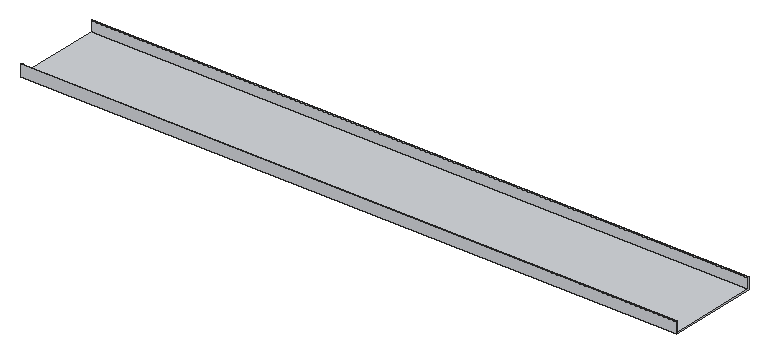
Revit family "SSMA Standard Track", category Structural Framing, Revit 2026
Family settings
  Section Shape = Not Defined
  Material for Model Behavior = Other
  Always export as geometry = No
  Classification Number = 23.25.30.11.14.14
  Always vertical = Yes
  Cut with Voids When Loaded = No
  Symbolic Representation = From Family
  Shared = No
  Show family pre-cut in plan views = Yes
Parameters (values of type "1600T200-118, 50 ksi")
  Version = "2.0"
  URL = "http://www.steelnetwork.com/product.aspx/SSMA_TSectionStud"
  T = 0' - 0.1242"
  Stud_D = 1' - 4"
  Section_DB = 1
  Manufacturer = "The Steel Network, Inc."
  Length [instance] = 10' - 0"
  D = 1' - 4.435"
  B = 0' - 2"
Types (347): name | T | Stud_D | D | B
  (no name) | 0' - 0 13/128" | 1' - 0" | 1' - 0 91/256" | 0' - 2"
  250T125-33, 33 ksi | 0' - 0.0346" | 0' - 2 1/2" | 0' - 2.646" | 0' - 1 1/4"
  250T125-43, 33 ksi | 0' - 0.0451" | 0' - 2 1/2" | 0' - 2.661" | 0' - 1 1/4"
  250T125-54, 33 ksi | 0' - 0.0566" | 0' - 2 1/2" | 0' - 2.698" | 0' - 1 1/4"
  250T125-54, 50 ksi | 0' - 0.0566" | 0' - 2 1/2" | 0' - 2.698" | 0' - 1 1/4"
  250T125-68, 33 ksi | 0' - 0.0713" | 0' - 2 1/2" | 0' - 2 3/4" | 0' - 1 1/4"
  250T125-68, 50 ksi | 0' - 0.0713" | 0' - 2 1/2" | 0' - 2 3/4" | 0' - 1 1/4"
  250T150-33, 33 ksi | 0' - 0.0346" | 0' - 2 1/2" | 0' - 2.646" | 0' - 1 1/2"
  250T150-43, 33 ksi | 0' - 0.0451" | 0' - 2 1/2" | 0' - 2.661" | 0' - 1 1/2"
  250T150-54, 33 ksi | 0' - 0.0566" | 0' - 2 1/2" | 0' - 2.698" | 0' - 1 1/2"
  250T150-54, 50 ksi | 0' - 0.0566" | 0' - 2 1/2" | 0' - 2.698" | 0' - 1 1/2"
  250T150-68, 33 ksi | 0' - 0.0713" | 0' - 2 1/2" | 0' - 2 3/4" | 0' - 1 1/2"
  250T150-68, 50 ksi | 0' - 0.0713" | 0' - 2 1/2" | 0' - 2 3/4" | 0' - 1 1/2"
  250T200-33, 33 ksi | 0' - 0.0346" | 0' - 2 1/2" | 0' - 2.646" | 0' - 2"
  250T200-43, 33 ksi | 0' - 0.0451" | 0' - 2 1/2" | 0' - 2.661" | 0' - 2"
  250T200-54, 33 ksi | 0' - 0.0566" | 0' - 2 1/2" | 0' - 2.698" | 0' - 2"
  250T200-54, 50 ksi | 0' - 0.0566" | 0' - 2 1/2" | 0' - 2.698" | 0' - 2"
  250T200-68, 33 ksi | 0' - 0.0713" | 0' - 2 1/2" | 0' - 2 3/4" | 0' - 2"
  250T200-68, 50 ksi | 0' - 0.0713" | 0' - 2 1/2" | 0' - 2 3/4" | 0' - 2"
  350T125-33, 33 ksi | 0' - 0.0346" | 0' - 3 1/2" | 0' - 3.646" | 0' - 1 1/4"
  350T125-43, 33 ksi | 0' - 0.0451" | 0' - 3 1/2" | 0' - 3.661" | 0' - 1 1/4"
  350T125-54, 33 ksi | 0' - 0.0566" | 0' - 3 1/2" | 0' - 3.698" | 0' - 1 1/4"
  350T125-54, 50 ksi | 0' - 0.0566" | 0' - 3 1/2" | 0' - 3.698" | 0' - 1 1/4"
  350T125-68, 33 ksi | 0' - 0.0713" | 0' - 3 1/2" | 0' - 3 3/4" | 0' - 1 1/4"
  350T125-68, 50 ksi | 0' - 0.0713" | 0' - 3 1/2" | 0' - 3 3/4" | 0' - 1 1/4"
  350T150-33, 33 ksi | 0' - 0.0346" | 0' - 3 1/2" | 0' - 3.646" | 0' - 1 1/2"
  350T150-43, 33 ksi | 0' - 0.0451" | 0' - 3 1/2" | 0' - 3.661" | 0' - 1 1/2"
  350T150-54, 33 ksi | 0' - 0.0566" | 0' - 3 1/2" | 0' - 3.698" | 0' - 1 1/2"
  350T150-54, 50 ksi | 0' - 0.0566" | 0' - 3 1/2" | 0' - 3.698" | 0' - 1 1/2"
  350T150-68, 33 ksi | 0' - 0.0713" | 0' - 3 1/2" | 0' - 3 3/4" | 0' - 1 1/2"
  350T150-68, 50 ksi | 0' - 0.0713" | 0' - 3 1/2" | 0' - 3 3/4" | 0' - 1 1/2"
  350T150-97, 33 ksi | 0' - 0.1017" | 0' - 3 1/2" | 0' - 3.856" | 0' - 1 1/2"
  350T150-97, 50 ksi | 0' - 0.1017" | 0' - 3 1/2" | 0' - 3.856" | 0' - 1 1/2"
  350T200-33, 33 ksi | 0' - 0.0346" | 0' - 3 1/2" | 0' - 3.646" | 0' - 2"
  350T200-43, 33 ksi | 0' - 0.0451" | 0' - 3 1/2" | 0' - 3.661" | 0' - 2"
  350T200-54, 33 ksi | 0' - 0.0566" | 0' - 3 1/2" | 0' - 3.698" | 0' - 2"
  350T200-54, 50 ksi | 0' - 0.0566" | 0' - 3 1/2" | 0' - 3.698" | 0' - 2"
  350T200-68, 33 ksi | 0' - 0.0713" | 0' - 3 1/2" | 0' - 3 3/4" | 0' - 2"
  350T200-68, 50 ksi | 0' - 0.0713" | 0' - 3 1/2" | 0' - 3 3/4" | 0' - 2"
  350T200-97, 33 ksi | 0' - 0.1017" | 0' - 3 1/2" | 0' - 3.856" | 0' - 2"
  350T200-97, 50 ksi | 0' - 0.1017" | 0' - 3 1/2" | 0' - 3.856" | 0' - 2"
  362T125-33, 33 ksi | 0' - 0.0346" | 0' - 3 5/8" | 0' - 3.771" | 0' - 1 1/4"
  362T125-43, 33 ksi | 0' - 0.0451" | 0' - 3 5/8" | 0' - 3.786" | 0' - 1 1/4"
  362T125-54, 33 ksi | 0' - 0.0566" | 0' - 3 5/8" | 0' - 3.823" | 0' - 1 1/4"
  362T125-54, 50 ksi | 0' - 0.0566" | 0' - 3 5/8" | 0' - 3.823" | 0' - 1 1/4"
  362T125-68, 33 ksi | 0' - 0.0713" | 0' - 3 5/8" | 0' - 3 7/8" | 0' - 1 1/4"
  362T125-68, 50 ksi | 0' - 0.0713" | 0' - 3 5/8" | 0' - 3 7/8" | 0' - 1 1/4"
  362T125-97, 33 ksi | 0' - 0.1017" | 0' - 3 5/8" | 0' - 3.981" | 0' - 1 1/4"
  362T125-97, 50 ksi | 0' - 0.1017" | 0' - 3 5/8" | 0' - 3.981" | 0' - 1 1/4"
  362T150-33, 33 ksi | 0' - 0.0346" | 0' - 3 5/8" | 0' - 3.771" | 0' - 1 1/2"
  362T150-43, 33 ksi | 0' - 0.0451" | 0' - 3 5/8" | 0' - 3.786" | 0' - 1 1/2"
  362T150-54, 33 ksi | 0' - 0.0566" | 0' - 3 5/8" | 0' - 3.823" | 0' - 1 1/2"
  362T150-54, 50 ksi | 0' - 0.0566" | 0' - 3 5/8" | 0' - 3.823" | 0' - 1 1/2"
  362T150-68, 33 ksi | 0' - 0.0713" | 0' - 3 5/8" | 0' - 3 7/8" | 0' - 1 1/2"
  362T150-68, 50 ksi | 0' - 0.0713" | 0' - 3 5/8" | 0' - 3 7/8" | 0' - 1 1/2"
  362T150-97, 33 ksi | 0' - 0.1017" | 0' - 3 5/8" | 0' - 3.981" | 0' - 1 1/2"
  362T150-97, 50 ksi | 0' - 0.1017" | 0' - 3 5/8" | 0' - 3.981" | 0' - 1 1/2"
  362T200-33, 33 ksi | 0' - 0.0346" | 0' - 3 5/8" | 0' - 3.771" | 0' - 2"
  362T200-43, 33 ksi | 0' - 0.0451" | 0' - 3 5/8" | 0' - 3.786" | 0' - 2"
  362T200-54, 33 ksi | 0' - 0.0566" | 0' - 3 5/8" | 0' - 3.823" | 0' - 2"
  362T200-54, 50 ksi | 0' - 0.0566" | 0' - 3 5/8" | 0' - 3.823" | 0' - 2"
  362T200-68, 33 ksi | 0' - 0.0713" | 0' - 3 5/8" | 0' - 3 7/8" | 0' - 2"
  362T200-68, 50 ksi | 0' - 0.0713" | 0' - 3 5/8" | 0' - 3 7/8" | 0' - 2"
  362T200-97, 33 ksi | 0' - 0.1017" | 0' - 3 5/8" | 0' - 3.981" | 0' - 2"
  362T200-97, 50 ksi | 0' - 0.1017" | 0' - 3 5/8" | 0' - 3.981" | 0' - 2"
  362T250-43, 33 ksi | 0' - 0.0451" | 0' - 3 5/8" | 0' - 3.786" | 0' - 2 1/2"
  362T250-54, 33 ksi | 0' - 0.0566" | 0' - 3 5/8" | 0' - 3.823" | 0' - 2 1/2"
  362T250-54, 50 ksi | 0' - 0.0566" | 0' - 3 5/8" | 0' - 3.823" | 0' - 2 1/2"
  362T250-68, 33 ksi | 0' - 0.0713" | 0' - 3 5/8" | 0' - 3 7/8" | 0' - 2 1/2"
  362T250-68, 50 ksi | 0' - 0.0713" | 0' - 3 5/8" | 0' - 3 7/8" | 0' - 2 1/2"
  362T250-97, 33 ksi | 0' - 0.1017" | 0' - 3 5/8" | 0' - 3.981" | 0' - 2 1/2"
  362T250-97, 50 ksi | 0' - 0.1017" | 0' - 3 5/8" | 0' - 3.981" | 0' - 2 1/2"
  400T125-33, 33 ksi | 0' - 0.0346" | 0' - 4" | 0' - 4.146" | 0' - 1 1/4"
  400T125-43, 33 ksi | 0' - 0.0451" | 0' - 4" | 0' - 4.161" | 0' - 1 1/4"
  400T125-54, 33 ksi | 0' - 0.0566" | 0' - 4" | 0' - 4.198" | 0' - 1 1/4"
  400T125-54, 50 ksi | 0' - 0.0566" | 0' - 4" | 0' - 4.198" | 0' - 1 1/4"
  400T125-68, 33 ksi | 0' - 0.0713" | 0' - 4" | 0' - 4 1/4" | 0' - 1 1/4"
  400T125-68, 50 ksi | 0' - 0.0713" | 0' - 4" | 0' - 4 1/4" | 0' - 1 1/4"
  400T125-97, 33 ksi | 0' - 0.1017" | 0' - 4" | 0' - 4.356" | 0' - 1 1/4"
  400T125-97, 50 ksi | 0' - 0.1017" | 0' - 4" | 0' - 4.356" | 0' - 1 1/4"
  400T150-33, 33 ksi | 0' - 0.0346" | 0' - 4" | 0' - 4.146" | 0' - 1 1/2"
  400T150-43, 33 ksi | 0' - 0.0451" | 0' - 4" | 0' - 4.161" | 0' - 1 1/2"
  400T150-54, 33 ksi | 0' - 0.0566" | 0' - 4" | 0' - 4.198" | 0' - 1 1/2"
  400T150-54, 50 ksi | 0' - 0.0566" | 0' - 4" | 0' - 4.198" | 0' - 1 1/2"
  400T150-68, 33 ksi | 0' - 0.0713" | 0' - 4" | 0' - 4 1/4" | 0' - 1 1/2"
  400T150-68, 50 ksi | 0' - 0.0713" | 0' - 4" | 0' - 4 1/4" | 0' - 1 1/2"
  400T150-97, 33 ksi | 0' - 0.1017" | 0' - 4" | 0' - 4.356" | 0' - 1 1/2"
  400T150-97, 50 ksi | 0' - 0.1017" | 0' - 4" | 0' - 4.356" | 0' - 1 1/2"
  400T200-33, 33 ksi | 0' - 0.0346" | 0' - 4" | 0' - 4.146" | 0' - 2"
  400T200-43, 33 ksi | 0' - 0.0451" | 0' - 4" | 0' - 4.161" | 0' - 2"
  400T200-54, 33 ksi | 0' - 0.0566" | 0' - 4" | 0' - 4.198" | 0' - 2"
  400T200-54, 50 ksi | 0' - 0.0566" | 0' - 4" | 0' - 4.198" | 0' - 2"
  400T200-68, 33 ksi | 0' - 0.0713" | 0' - 4" | 0' - 4 1/4" | 0' - 2"
  400T200-68, 50 ksi | 0' - 0.0713" | 0' - 4" | 0' - 4 1/4" | 0' - 2"
  400T200-97, 33 ksi | 0' - 0.1017" | 0' - 4" | 0' - 4.356" | 0' - 2"
  400T200-97, 50 ksi | 0' - 0.1017" | 0' - 4" | 0' - 4.356" | 0' - 2"
  400T250-43, 33 ksi | 0' - 0.0451" | 0' - 4" | 0' - 4.161" | 0' - 2 1/2"
  400T250-54, 33 ksi | 0' - 0.0566" | 0' - 4" | 0' - 4.198" | 0' - 2 1/2"
  400T250-54, 50 ksi | 0' - 0.0566" | 0' - 4" | 0' - 4.198" | 0' - 2 1/2"
  400T250-68, 33 ksi | 0' - 0.0713" | 0' - 4" | 0' - 4 1/4" | 0' - 2 1/2"
  400T250-68, 50 ksi | 0' - 0.0713" | 0' - 4" | 0' - 4 1/4" | 0' - 2 1/2"
  400T250-97, 33 ksi | 0' - 0.1017" | 0' - 4" | 0' - 4.356" | 0' - 2 1/2"
  400T250-97, 50 ksi | 0' - 0.1017" | 0' - 4" | 0' - 4.356" | 0' - 2 1/2"
  400T300-54, 33 ksi | 0' - 0.0566" | 0' - 4" | 0' - 4.198" | 0' - 3"
  400T300-54, 50 ksi | 0' - 0.0566" | 0' - 4" | 0' - 4.198" | 0' - 3"
  400T300-68, 33 ksi | 0' - 0.0713" | 0' - 4" | 0' - 4 1/4" | 0' - 3"
  400T300-68, 50 ksi | 0' - 0.0713" | 0' - 4" | 0' - 4 1/4" | 0' - 3"
  400T300-97, 33 ksi | 0' - 0.1017" | 0' - 4" | 0' - 4.356" | 0' - 3"
  400T300-97, 50 ksi | 0' - 0.1017" | 0' - 4" | 0' - 4.356" | 0' - 3"
  550T125-33, 33 ksi | 0' - 0.0346" | 0' - 5 1/2" | 0' - 5.646" | 0' - 1 1/4"
  550T125-43, 33 ksi | 0' - 0.0451" | 0' - 5 1/2" | 0' - 5.661" | 0' - 1 1/4"
  550T125-54, 33 ksi | 0' - 0.0566" | 0' - 5 1/2" | 0' - 5.698" | 0' - 1 1/4"
  550T125-54, 50 ksi | 0' - 0.0566" | 0' - 5 1/2" | 0' - 5.698" | 0' - 1 1/4"
  550T125-68, 33 ksi | 0' - 0.0713" | 0' - 5 1/2" | 0' - 5 3/4" | 0' - 1 1/4"
  550T125-68, 50 ksi | 0' - 0.0713" | 0' - 5 1/2" | 0' - 5 3/4" | 0' - 1 1/4"
  550T125-97, 33 ksi | 0' - 0.1017" | 0' - 5 1/2" | 0' - 5.856" | 0' - 1 1/4"
  550T125-97, 50 ksi | 0' - 0.1017" | 0' - 5 1/2" | 0' - 5.856" | 0' - 1 1/4"
  550T150-33, 33 ksi | 0' - 0.0346" | 0' - 5 1/2" | 0' - 5.646" | 0' - 1 1/2"
  550T150-43, 33 ksi | 0' - 0.0451" | 0' - 5 1/2" | 0' - 5.661" | 0' - 1 1/2"
  550T150-54, 33 ksi | 0' - 0.0566" | 0' - 5 1/2" | 0' - 5.698" | 0' - 1 1/2"
  550T150-54, 50 ksi | 0' - 0.0566" | 0' - 5 1/2" | 0' - 5.698" | 0' - 1 1/2"
  550T150-68, 33 ksi | 0' - 0.0713" | 0' - 5 1/2" | 0' - 5 3/4" | 0' - 1 1/2"
  550T150-68, 50 ksi | 0' - 0.0713" | 0' - 5 1/2" | 0' - 5 3/4" | 0' - 1 1/2"
  550T150-97, 33 ksi | 0' - 0.1017" | 0' - 5 1/2" | 0' - 5.856" | 0' - 1 1/2"
  550T150-97, 50 ksi | 0' - 0.1017" | 0' - 5 1/2" | 0' - 5.856" | 0' - 1 1/2"
  550T200-33, 33 ksi | 0' - 0.0346" | 0' - 5 1/2" | 0' - 5.646" | 0' - 2"
  550T200-43, 33 ksi | 0' - 0.0451" | 0' - 5 1/2" | 0' - 5.661" | 0' - 2"
  550T200-54, 33 ksi | 0' - 0.0566" | 0' - 5 1/2" | 0' - 5.698" | 0' - 2"
  550T200-54, 50 ksi | 0' - 0.0566" | 0' - 5 1/2" | 0' - 5.698" | 0' - 2"
  550T200-68, 33 ksi | 0' - 0.0713" | 0' - 5 1/2" | 0' - 5 3/4" | 0' - 2"
  550T200-68, 50 ksi | 0' - 0.0713" | 0' - 5 1/2" | 0' - 5 3/4" | 0' - 2"
  550T200-97, 33 ksi | 0' - 0.1017" | 0' - 5 1/2" | 0' - 5.856" | 0' - 2"
  550T200-97, 50 ksi | 0' - 0.1017" | 0' - 5 1/2" | 0' - 5.856" | 0' - 2"
  600T125-33, 33 ksi | 0' - 0.0346" | 0' - 6" | 0' - 6.146" | 0' - 1 1/4"
  600T125-43, 33 ksi | 0' - 0.0451" | 0' - 6" | 0' - 6.161" | 0' - 1 1/4"
  600T125-54, 33 ksi | 0' - 0.0566" | 0' - 6" | 0' - 6.198" | 0' - 1 1/4"
  600T125-54, 50 ksi | 0' - 0.0566" | 0' - 6" | 0' - 6.198" | 0' - 1 1/4"
  600T125-68, 33 ksi | 0' - 0.0713" | 0' - 6" | 0' - 6 1/4" | 0' - 1 1/4"
  600T125-68, 50 ksi | 0' - 0.0713" | 0' - 6" | 0' - 6 1/4" | 0' - 1 1/4"
  600T125-97, 33 ksi | 0' - 0.1017" | 0' - 6" | 0' - 6.356" | 0' - 1 1/4"
  600T125-97, 50 ksi | 0' - 0.1017" | 0' - 6" | 0' - 6.356" | 0' - 1 1/4"
  600T150-33, 33 ksi | 0' - 0.0346" | 0' - 6" | 0' - 6.146" | 0' - 1 1/2"
  600T150-43, 33 ksi | 0' - 0.0451" | 0' - 6" | 0' - 6.161" | 0' - 1 1/2"
  600T150-54, 33 ksi | 0' - 0.0566" | 0' - 6" | 0' - 6.198" | 0' - 1 1/2"
  600T150-54, 50 ksi | 0' - 0.0566" | 0' - 6" | 0' - 6.198" | 0' - 1 1/2"
  600T150-68, 33 ksi | 0' - 0.0713" | 0' - 6" | 0' - 6 1/4" | 0' - 1 1/2"
  600T150-68, 50 ksi | 0' - 0.0713" | 0' - 6" | 0' - 6 1/4" | 0' - 1 1/2"
  600T150-97, 33 ksi | 0' - 0.1017" | 0' - 6" | 0' - 6.356" | 0' - 1 1/2"
  600T150-97, 50 ksi | 0' - 0.1017" | 0' - 6" | 0' - 6.356" | 0' - 1 1/2"
  600T150-118, 50 ksi | 0' - 0.1242" | 0' - 6" | 0' - 6.435" | 0' - 1 1/2"
  600T200-33, 33 ksi | 0' - 0.0346" | 0' - 6" | 0' - 6.146" | 0' - 2"
  600T200-43, 33 ksi | 0' - 0.0451" | 0' - 6" | 0' - 6.161" | 0' - 2"
  600T200-54, 33 ksi | 0' - 0.0566" | 0' - 6" | 0' - 6.198" | 0' - 2"
  600T200-54, 50 ksi | 0' - 0.0566" | 0' - 6" | 0' - 6.198" | 0' - 2"
  600T200-68, 33 ksi | 0' - 0.0713" | 0' - 6" | 0' - 6 1/4" | 0' - 2"
  600T200-68, 50 ksi | 0' - 0.0713" | 0' - 6" | 0' - 6 1/4" | 0' - 2"
  600T200-97, 33 ksi | 0' - 0.1017" | 0' - 6" | 0' - 6.356" | 0' - 2"
  600T200-97, 50 ksi | 0' - 0.1017" | 0' - 6" | 0' - 6.356" | 0' - 2"
  600T200-118, 50 ksi | 0' - 0.1242" | 0' - 6" | 0' - 6.435" | 0' - 2"
  600T250-43, 33 ksi | 0' - 0.0451" | 0' - 6" | 0' - 6.161" | 0' - 2 1/2"
  600T250-54, 33 ksi | 0' - 0.0566" | 0' - 6" | 0' - 6.198" | 0' - 2 1/2"
  600T250-54, 50 ksi | 0' - 0.0566" | 0' - 6" | 0' - 6.198" | 0' - 2 1/2"
  600T250-68, 33 ksi | 0' - 0.0713" | 0' - 6" | 0' - 6 1/4" | 0' - 2 1/2"
  600T250-68, 50 ksi | 0' - 0.0713" | 0' - 6" | 0' - 6 1/4" | 0' - 2 1/2"
  600T250-97, 33 ksi | 0' - 0.1017" | 0' - 6" | 0' - 6.356" | 0' - 2 1/2"
  600T250-97, 50 ksi | 0' - 0.1017" | 0' - 6" | 0' - 6.356" | 0' - 2 1/2"
  600T300-54, 33 ksi | 0' - 0.0566" | 0' - 6" | 0' - 6.198" | 0' - 3"
  600T300-54, 50 ksi | 0' - 0.0566" | 0' - 6" | 0' - 6.198" | 0' - 3"
  600T300-68, 33 ksi | 0' - 0.0713" | 0' - 6" | 0' - 6 1/4" | 0' - 3"
  600T300-68, 50 ksi | 0' - 0.0713" | 0' - 6" | 0' - 6 1/4" | 0' - 3"
  600T300-97, 33 ksi | 0' - 0.1017" | 0' - 6" | 0' - 6.356" | 0' - 3"
  600T300-97, 50 ksi | 0' - 0.1017" | 0' - 6" | 0' - 6.356" | 0' - 3"
  800T125-33, 33 ksi | 0' - 0.0346" | 0' - 8" | 0' - 8.146" | 0' - 1 1/4"
  800T125-43, 33 ksi | 0' - 0.0451" | 0' - 8" | 0' - 8.161" | 0' - 1 1/4"
  800T125-54, 33 ksi | 0' - 0.0566" | 0' - 8" | 0' - 8.198" | 0' - 1 1/4"
  800T125-54, 50 ksi | 0' - 0.0566" | 0' - 8" | 0' - 8.198" | 0' - 1 1/4"
  800T125-68, 33 ksi | 0' - 0.0713" | 0' - 8" | 0' - 8 1/4" | 0' - 1 1/4"
  800T125-68, 50 ksi | 0' - 0.0713" | 0' - 8" | 0' - 8 1/4" | 0' - 1 1/4"
  800T125-97, 33 ksi | 0' - 0.1017" | 0' - 8" | 0' - 8.356" | 0' - 1 1/4"
  800T125-97, 50 ksi | 0' - 0.1017" | 0' - 8" | 0' - 8.356" | 0' - 1 1/4"
  800T150-33, 33 ksi | 0' - 0.0346" | 0' - 8" | 0' - 8.146" | 0' - 1 1/2"
  800T150-43, 33 ksi | 0' - 0.0451" | 0' - 8" | 0' - 8.161" | 0' - 1 1/2"
  800T150-54, 33 ksi | 0' - 0.0566" | 0' - 8" | 0' - 8.198" | 0' - 1 1/2"
  800T150-54, 50 ksi | 0' - 0.0566" | 0' - 8" | 0' - 8.198" | 0' - 1 1/2"
  800T150-68, 33 ksi | 0' - 0.0713" | 0' - 8" | 0' - 8 1/4" | 0' - 1 1/2"
  800T150-68, 50 ksi | 0' - 0.0713" | 0' - 8" | 0' - 8 1/4" | 0' - 1 1/2"
  800T150-97, 33 ksi | 0' - 0.1017" | 0' - 8" | 0' - 8.356" | 0' - 1 1/2"
  800T150-97, 50 ksi | 0' - 0.1017" | 0' - 8" | 0' - 8.356" | 0' - 1 1/2"
  800T150-118, 50 ksi | 0' - 0.1242" | 0' - 8" | 0' - 8.435" | 0' - 1 1/2"
  800T200-33, 33 ksi | 0' - 0.0346" | 0' - 8" | 0' - 8.146" | 0' - 2"
  800T200-43, 33 ksi | 0' - 0.0451" | 0' - 8" | 0' - 8.161" | 0' - 2"
  800T200-54, 33 ksi | 0' - 0.0566" | 0' - 8" | 0' - 8.198" | 0' - 2"
  800T200-54, 50 ksi | 0' - 0.0566" | 0' - 8" | 0' - 8.198" | 0' - 2"
  800T200-68, 33 ksi | 0' - 0.0713" | 0' - 8" | 0' - 8 1/4" | 0' - 2"
  800T200-68, 50 ksi | 0' - 0.0713" | 0' - 8" | 0' - 8 1/4" | 0' - 2"
  800T200-97, 33 ksi | 0' - 0.1017" | 0' - 8" | 0' - 8.356" | 0' - 2"
  800T200-97, 50 ksi | 0' - 0.1017" | 0' - 8" | 0' - 8.356" | 0' - 2"
  800T200-118, 50 ksi | 0' - 0.1242" | 0' - 8" | 0' - 8.435" | 0' - 2"
  800T250-43, 33 ksi | 0' - 0.0451" | 0' - 8" | 0' - 8.161" | 0' - 2 1/2"
  800T250-54, 33 ksi | 0' - 0.0566" | 0' - 8" | 0' - 8.198" | 0' - 2 1/2"
  800T250-54, 50 ksi | 0' - 0.0566" | 0' - 8" | 0' - 8.198" | 0' - 2 1/2"
  800T250-68, 33 ksi | 0' - 0.0713" | 0' - 8" | 0' - 8 1/4" | 0' - 2 1/2"
  800T250-68, 50 ksi | 0' - 0.0713" | 0' - 8" | 0' - 8 1/4" | 0' - 2 1/2"
  800T250-97, 33 ksi | 0' - 0.1017" | 0' - 8" | 0' - 8.356" | 0' - 2 1/2"
  800T250-97, 50 ksi | 0' - 0.1017" | 0' - 8" | 0' - 8.356" | 0' - 2 1/2"
  800T300-54, 33 ksi | 0' - 0.0566" | 0' - 8" | 0' - 8.198" | 0' - 3"
  800T300-54, 50 ksi | 0' - 0.0566" | 0' - 8" | 0' - 8.198" | 0' - 3"
  800T300-68, 33 ksi | 0' - 0.0713" | 0' - 8" | 0' - 8 1/4" | 0' - 3"
  800T300-68, 50 ksi | 0' - 0.0713" | 0' - 8" | 0' - 8 1/4" | 0' - 3"
  800T300-97, 33 ksi | 0' - 0.1017" | 0' - 8" | 0' - 8.356" | 0' - 3"
  800T300-97, 50 ksi | 0' - 0.1017" | 0' - 8" | 0' - 8.356" | 0' - 3"
  925T125-43, 33 ksi | 0' - 0.0451" | 0' - 9 1/4" | 0' - 9.411" | 0' - 1 1/4"
  925T125-54, 33 ksi | 0' - 0.0566" | 0' - 9 1/4" | 0' - 9.448" | 0' - 1 1/4"
  925T125-54, 50 ksi | 0' - 0.0566" | 0' - 9 1/4" | 0' - 9.448" | 0' - 1 1/4"
  925T125-68, 33 ksi | 0' - 0.0713" | 0' - 9 1/4" | 0' - 9 1/2" | 0' - 1 1/4"
  925T125-68, 50 ksi | 0' - 0.0713" | 0' - 9 1/4" | 0' - 9 1/2" | 0' - 1 1/4"
  925T125-97, 33 ksi | 0' - 0.1017" | 0' - 9 1/4" | 0' - 9.606" | 0' - 1 1/4"
  925T125-97, 50 ksi | 0' - 0.1017" | 0' - 9 1/4" | 0' - 9.606" | 0' - 1 1/4"
  925T200-43, 33 ksi | 0' - 0.0451" | 0' - 9 1/4" | 0' - 9.411" | 0' - 2"
  925T200-54, 33 ksi | 0' - 0.0566" | 0' - 9 1/4" | 0' - 9.448" | 0' - 2"
  925T200-54, 50 ksi | 0' - 0.0566" | 0' - 9 1/4" | 0' - 9.448" | 0' - 2"
  925T200-68, 33 ksi | 0' - 0.0713" | 0' - 9 1/4" | 0' - 9 1/2" | 0' - 2"
  925T200-68, 50 ksi | 0' - 0.0713" | 0' - 9 1/4" | 0' - 9 1/2" | 0' - 2"
  925T200-97, 33 ksi | 0' - 0.1017" | 0' - 9 1/4" | 0' - 9.606" | 0' - 2"
  925T200-97, 50 ksi | 0' - 0.1017" | 0' - 9 1/4" | 0' - 9.606" | 0' - 2"
  1000T125-43, 33 ksi | 0' - 0.0451" | 0' - 10" | 0' - 10.161" | 0' - 1 1/4"
  1000T125-54, 33 ksi | 0' - 0.0566" | 0' - 10" | 0' - 10.198" | 0' - 1 1/4"
  1000T125-54, 50 ksi | 0' - 0.0566" | 0' - 10" | 0' - 10.198" | 0' - 1 1/4"
  1000T125-68, 33 ksi | 0' - 0.0713" | 0' - 10" | 0' - 10 1/4" | 0' - 1 1/4"
  1000T125-68, 50 ksi | 0' - 0.0713" | 0' - 10" | 0' - 10 1/4" | 0' - 1 1/4"
  1000T125-97, 33 ksi | 0' - 0.1017" | 0' - 10" | 0' - 10.356" | 0' - 1 1/4"
  1000T125-97, 50 ksi | 0' - 0.1017" | 0' - 10" | 0' - 10.356" | 0' - 1 1/4"
  1000T150-43, 33 ksi | 0' - 0.0451" | 0' - 10" | 0' - 10.161" | 0' - 1 1/2"
  1000T150-54, 33 ksi | 0' - 0.0566" | 0' - 10" | 0' - 10.198" | 0' - 1 1/2"
  1000T150-54, 50 ksi | 0' - 0.0566" | 0' - 10" | 0' - 10.198" | 0' - 1 1/2"
  1000T150-68, 33 ksi | 0' - 0.0713" | 0' - 10" | 0' - 10 1/4" | 0' - 1 1/2"
  1000T150-68, 50 ksi | 0' - 0.0713" | 0' - 10" | 0' - 10 1/4" | 0' - 1 1/2"
  1000T150-97, 33 ksi | 0' - 0.1017" | 0' - 10" | 0' - 10.356" | 0' - 1 1/2"
  1000T150-97, 50 ksi | 0' - 0.1017" | 0' - 10" | 0' - 10.356" | 0' - 1 1/2"
  1000T150-118, 50 ksi | 0' - 0.1242" | 0' - 10" | 0' - 10.435" | 0' - 1 1/2"
  1000T200-43, 33 ksi | 0' - 0.0451" | 0' - 10" | 0' - 10.161" | 0' - 2"
  1000T200-54, 33 ksi | 0' - 0.0566" | 0' - 10" | 0' - 10.198" | 0' - 2"
  1000T200-54, 50 ksi | 0' - 0.0566" | 0' - 10" | 0' - 10.198" | 0' - 2"
  1000T200-68, 33 ksi | 0' - 0.0713" | 0' - 10" | 0' - 10 1/4" | 0' - 2"
  1000T200-68, 50 ksi | 0' - 0.0713" | 0' - 10" | 0' - 10 1/4" | 0' - 2"
  1000T200-97, 33 ksi | 0' - 0.1017" | 0' - 10" | 0' - 10.356" | 0' - 2"
  1000T200-97, 50 ksi | 0' - 0.1017" | 0' - 10" | 0' - 10.356" | 0' - 2"
  1000T200-118, 50 ksi | 0' - 0.1242" | 0' - 10" | 0' - 10.435" | 0' - 2"
  1000T250-43, 33 ksi | 0' - 0.0451" | 0' - 10" | 0' - 10.161" | 0' - 2 1/2"
  1000T250-54, 33 ksi | 0' - 0.0566" | 0' - 10" | 0' - 10.198" | 0' - 2 1/2"
  1000T250-54, 50 ksi | 0' - 0.0566" | 0' - 10" | 0' - 10.198" | 0' - 2 1/2"
  1000T250-68, 33 ksi | 0' - 0.0713" | 0' - 10" | 0' - 10 1/4" | 0' - 2 1/2"
  1000T250-68, 50 ksi | 0' - 0.0713" | 0' - 10" | 0' - 10 1/4" | 0' - 2 1/2"
  1000T250-97, 33 ksi | 0' - 0.1017" | 0' - 10" | 0' - 10.356" | 0' - 2 1/2"
  1000T250-97, 50 ksi | 0' - 0.1017" | 0' - 10" | 0' - 10.356" | 0' - 2 1/2"
  1000T300-54, 33 ksi | 0' - 0.0566" | 0' - 10" | 0' - 10.198" | 0' - 3"
  1000T300-54, 50 ksi | 0' - 0.0566" | 0' - 10" | 0' - 10.198" | 0' - 3"
  1000T300-68, 33 ksi | 0' - 0.0713" | 0' - 10" | 0' - 10 1/4" | 0' - 3"
  1000T300-68, 50 ksi | 0' - 0.0713" | 0' - 10" | 0' - 10 1/4" | 0' - 3"
  1000T300-97, 33 ksi | 0' - 0.1017" | 0' - 10" | 0' - 10.356" | 0' - 3"
  1000T300-97, 50 ksi | 0' - 0.1017" | 0' - 10" | 0' - 10.356" | 0' - 3"
  1150T125-54, 33 ksi | 0' - 0.0566" | 0' - 11 1/2" | 0' - 11.698" | 0' - 1 1/4"
  1150T125-54, 50 ksi | 0' - 0.0566" | 0' - 11 1/2" | 0' - 11.698" | 0' - 1 1/4"
  1150T125-68, 33 ksi | 0' - 0.0713" | 0' - 11 1/2" | 0' - 11 3/4" | 0' - 1 1/4"
  1150T125-68, 50 ksi | 0' - 0.0713" | 0' - 11 1/2" | 0' - 11 3/4" | 0' - 1 1/4"
  1150T125-97, 33 ksi | 0' - 0.1017" | 0' - 11 1/2" | 0' - 11.856" | 0' - 1 1/4"
  1150T125-97, 50 ksi | 0' - 0.1017" | 0' - 11 1/2" | 0' - 11.856" | 0' - 1 1/4"
  1150T200-54, 33 ksi | 0' - 0.0566" | 0' - 11 1/2" | 0' - 11.698" | 0' - 2"
  1150T200-54, 50 ksi | 0' - 0.0566" | 0' - 11 1/2" | 0' - 11.698" | 0' - 2"
  1150T200-68, 33 ksi | 0' - 0.0713" | 0' - 11 1/2" | 0' - 11 3/4" | 0' - 2"
  1150T200-68, 50 ksi | 0' - 0.0713" | 0' - 11 1/2" | 0' - 11 3/4" | 0' - 2"
  1150T200-97, 33 ksi | 0' - 0.1017" | 0' - 11 1/2" | 0' - 11.856" | 0' - 2"
  1150T200-97, 50 ksi | 0' - 0.1017" | 0' - 11 1/2" | 0' - 11.856" | 0' - 2"
  1200T125-54, 33 ksi | 0' - 0.0566" | 1' - 0" | 1' - 0.198" | 0' - 1 1/4"
  1200T125-54, 50 ksi | 0' - 0.0566" | 1' - 0" | 1' - 0.198" | 0' - 1 1/4"
  1200T125-68, 33 ksi | 0' - 0.0713" | 1' - 0" | 1' - 0 1/4" | 0' - 1 1/4"
  1200T125-68, 50 ksi | 0' - 0.0713" | 1' - 0" | 1' - 0 1/4" | 0' - 1 1/4"
  1200T125-97, 33 ksi | 0' - 0.1017" | 1' - 0" | 1' - 0.356" | 0' - 1 1/4"
  1200T125-97, 50 ksi | 0' - 0.1017" | 1' - 0" | 1' - 0.356" | 0' - 1 1/4"
  1200T150-54, 33 ksi | 0' - 0.0566" | 1' - 0" | 1' - 0.198" | 0' - 1 1/2"
  1200T150-54, 50 ksi | 0' - 0.0566" | 1' - 0" | 1' - 0.198" | 0' - 1 1/2"
  1200T150-68, 33 ksi | 0' - 0.0713" | 1' - 0" | 1' - 0 1/4" | 0' - 1 1/2"
  1200T150-68, 50 ksi | 0' - 0.0713" | 1' - 0" | 1' - 0 1/4" | 0' - 1 1/2"
  1200T150-97, 33 ksi | 0' - 0.1017" | 1' - 0" | 1' - 0.356" | 0' - 1 1/2"
  1200T150-97, 50 ksi | 0' - 0.1017" | 1' - 0" | 1' - 0.356" | 0' - 1 1/2"
  1200T150-118, 50 ksi | 0' - 0.1242" | 1' - 0" | 1' - 0.435" | 0' - 1 1/2"
  1200T200-54, 33 ksi | 0' - 0.0566" | 1' - 0" | 1' - 0.198" | 0' - 2"
  1200T200-54, 50 ksi | 0' - 0.0566" | 1' - 0" | 1' - 0.198" | 0' - 2"
  1200T200-68, 33 ksi | 0' - 0.0713" | 1' - 0" | 1' - 0 1/4" | 0' - 2"
  1200T200-68, 50 ksi | 0' - 0.0713" | 1' - 0" | 1' - 0 1/4" | 0' - 2"
  1200T200-97, 33 ksi | 0' - 0.1017" | 1' - 0" | 1' - 0.356" | 0' - 2"
  1200T200-97, 50 ksi | 0' - 0.1017" | 1' - 0" | 1' - 0.356" | 0' - 2"
  1200T200-118, 50 ksi | 0' - 0.1242" | 1' - 0" | 1' - 0.435" | 0' - 2"
  1200T250-54, 33 ksi | 0' - 0.0566" | 1' - 0" | 1' - 0.198" | 0' - 2 1/2"
  1200T250-54, 50 ksi | 0' - 0.0566" | 1' - 0" | 1' - 0.198" | 0' - 2 1/2"
  1200T250-68, 33 ksi | 0' - 0.0713" | 1' - 0" | 1' - 0 1/4" | 0' - 2 1/2"
  1200T250-68, 50 ksi | 0' - 0.0713" | 1' - 0" | 1' - 0 1/4" | 0' - 2 1/2"
  1200T250-97, 33 ksi | 0' - 0.1017" | 1' - 0" | 1' - 0.356" | 0' - 2 1/2"
  1200T250-97, 50 ksi | 0' - 0.1017" | 1' - 0" | 1' - 0.356" | 0' - 2 1/2"
  1200T300-54, 33 ksi | 0' - 0.0566" | 1' - 0" | 1' - 0.198" | 0' - 3"
  1200T300-54, 50 ksi | 0' - 0.0566" | 1' - 0" | 1' - 0.198" | 0' - 3"
  1200T300-68, 33 ksi | 0' - 0.0713" | 1' - 0" | 1' - 0 1/4" | 0' - 3"
  1200T300-68, 50 ksi | 0' - 0.0713" | 1' - 0" | 1' - 0 1/4" | 0' - 3"
  1200T300-97, 33 ksi | 0' - 0.1017" | 1' - 0" | 1' - 0.356" | 0' - 3"
  1200T300-97, 50 ksi | 0' - 0.1017" | 1' - 0" | 1' - 0.356" | 0' - 3"
  1400T125-54, 33 ksi | 0' - 0.0566" | 1' - 2" | 1' - 2.198" | 0' - 1 1/4"
  1400T125-54, 50 ksi | 0' - 0.0566" | 1' - 2" | 1' - 2.198" | 0' - 1 1/4"
  1400T125-68, 33 ksi | 0' - 0.0713" | 1' - 2" | 1' - 2 1/4" | 0' - 1 1/4"
  1400T125-68, 50 ksi | 0' - 0.0713" | 1' - 2" | 1' - 2 1/4" | 0' - 1 1/4"
  1400T125-97, 33 ksi | 0' - 0.1017" | 1' - 2" | 1' - 2.356" | 0' - 1 1/4"
  1400T125-97, 50 ksi | 0' - 0.1017" | 1' - 2" | 1' - 2.356" | 0' - 1 1/4"
  1400T150-54, 33 ksi | 0' - 0.0566" | 1' - 2" | 1' - 2.198" | 0' - 1 1/2"
  1400T150-54, 50 ksi | 0' - 0.0566" | 1' - 2" | 1' - 2.198" | 0' - 1 1/2"
  1400T150-68, 33 ksi | 0' - 0.0713" | 1' - 2" | 1' - 2 1/4" | 0' - 1 1/2"
  1400T150-68, 50 ksi | 0' - 0.0713" | 1' - 2" | 1' - 2 1/4" | 0' - 1 1/2"
  1400T150-97, 33 ksi | 0' - 0.1017" | 1' - 2" | 1' - 2.356" | 0' - 1 1/2"
  1400T150-97, 50 ksi | 0' - 0.1017" | 1' - 2" | 1' - 2.356" | 0' - 1 1/2"
  1400T150-118, 50 ksi | 0' - 0.1242" | 1' - 2" | 1' - 2.435" | 0' - 1 1/2"
  1400T200-54, 33 ksi | 0' - 0.0566" | 1' - 2" | 1' - 2.198" | 0' - 2"
  1400T200-54, 50 ksi | 0' - 0.0566" | 1' - 2" | 1' - 2.198" | 0' - 2"
  1400T200-68, 33 ksi | 0' - 0.0713" | 1' - 2" | 1' - 2 1/4" | 0' - 2"
  1400T200-68, 50 ksi | 0' - 0.0713" | 1' - 2" | 1' - 2 1/4" | 0' - 2"
  1400T200-97, 33 ksi | 0' - 0.1017" | 1' - 2" | 1' - 2.356" | 0' - 2"
  1400T200-97, 50 ksi | 0' - 0.1017" | 1' - 2" | 1' - 2.356" | 0' - 2"
  1400T200-118, 50 ksi | 0' - 0.1242" | 1' - 2" | 1' - 2.435" | 0' - 2"
  1400T250-54, 33 ksi | 0' - 0.0566" | 1' - 2" | 1' - 2.198" | 0' - 2 1/2"
  1400T250-54, 50 ksi | 0' - 0.0566" | 1' - 2" | 1' - 2.198" | 0' - 2 1/2"
  1400T250-68, 33 ksi | 0' - 0.0713" | 1' - 2" | 1' - 2 1/4" | 0' - 2 1/2"
  1400T250-68, 50 ksi | 0' - 0.0713" | 1' - 2" | 1' - 2 1/4" | 0' - 2 1/2"
  1400T250-97, 33 ksi | 0' - 0.1017" | 1' - 2" | 1' - 2.356" | 0' - 2 1/2"
  1400T250-97, 50 ksi | 0' - 0.1017" | 1' - 2" | 1' - 2.356" | 0' - 2 1/2"
  1400T300-54, 33 ksi | 0' - 0.0566" | 1' - 2" | 1' - 2.198" | 0' - 3"
  1400T300-54, 50 ksi | 0' - 0.0566" | 1' - 2" | 1' - 2.198" | 0' - 3"
  1400T300-68, 33 ksi | 0' - 0.0713" | 1' - 2" | 1' - 2 1/4" | 0' - 3"
  1400T300-68, 50 ksi | 0' - 0.0713" | 1' - 2" | 1' - 2 1/4" | 0' - 3"
  1400T300-97, 33 ksi | 0' - 0.1017" | 1' - 2" | 1' - 2.356" | 0' - 3"
  1400T300-97, 50 ksi | 0' - 0.1017" | 1' - 2" | 1' - 2.356" | 0' - 3"
  1600T125-68, 33 ksi | 0' - 0.0713" | 1' - 4" | 1' - 4 1/4" | 0' - 1 1/4"
  1600T125-68, 50 ksi | 0' - 0.0713" | 1' - 4" | 1' - 4 1/4" | 0' - 1 1/4"
  1600T125-97, 33 ksi | 0' - 0.1017" | 1' - 4" | 1' - 4.356" | 0' - 1 1/4"
  1600T125-97, 50 ksi | 0' - 0.1017" | 1' - 4" | 1' - 4.356" | 0' - 1 1/4"
  1600T125-118, 50 ksi | 0' - 0.1242" | 1' - 4" | 1' - 4.435" | 0' - 1 1/4"
  1600T200-68, 33 ksi | 0' - 0.0713" | 1' - 4" | 1' - 4 1/4" | 0' - 2"
  1600T200-68, 50 ksi | 0' - 0.0713" | 1' - 4" | 1' - 4 1/4" | 0' - 2"
  1600T200-97, 33 ksi | 0' - 0.1017" | 1' - 4" | 1' - 4.356" | 0' - 2"
  1600T200-97, 50 ksi | 0' - 0.1017" | 1' - 4" | 1' - 4.356" | 0' - 2"
  1600T200-118, 50 ksi | 0' - 0.1242" | 1' - 4" | 1' - 4.435" | 0' - 2"
Reference planes (in)
  plane 1 "Center (Front/Back)": y = 0
  plane 2 "Center El.": z = 0
  plane 3 "Center (Left/Right)": x = 0
  plane 4 "Left": x = -60
  plane 5 "Right": x = 60
  plane 6: z = 0
  plane 7: z = 2
  plane 8: y = -8.2175
  plane 9: y = 8.2175
Forms (in)
  Extrusion 1, solid
    sketch origin (60, 0, 0) x (0, -1, 0) y (0, 0, 1)
      loop
        line (8.2175, 2) -> (8.0933, 2) -> (8.0933, 0.1242) -> (-8.0933, 0.1242) -> (-8.0933, 2) -> (-8.2175, 2) -> (-8.2175, 0) -> (8.2175, 0) -> (8.2175, 2)
    from 0 to 120
Lines and regions (in)
  model lines, style "Stick Symbols", detail levels coarse
    curve 1: line (-60, 0, 0) -> (60, 0, 0)
Dimensions and locks (in)
  equal spacing: plane 4 "Left", plane 3 "Center (Left/Right)", plane 5 "Right"
  "Length": plane 4 "Left" to plane 5 "Right"
  equal spacing: plane 8, plane 1 "Center (Front/Back)", plane 9
  "D": plane 8 to plane 9
  "B": plane 7 to plane 6
  "T": Extrusion 1 to plane 6
  "T": plane 8 to Extrusion 1
  "T": Extrusion 1 to plane 9
  aligned and locked: plane 1 "Center (Front/Back)" to curve 1
  aligned and locked: Extrusion 1 to plane 6
  aligned and locked: plane 9 to Extrusion 1
  aligned and locked: Extrusion 1 to plane 8
  aligned and locked: Extrusion 1 to plane 5 "Right"
  aligned and locked: plane 4 "Left" to Extrusion 1
Automatic sketch dimensions
  curve 1 to plane 4 "Left" = 0' - 0"
  curve 1 to plane 5 "Right" = 0' - 0"
  Extrusion 1 sketch curve to plane 7 = 0' - 0"  (x2)
  Extrusion 1 sketch curve to plane 9 = 0' - 0"
  Extrusion 1 sketch curve to plane 6 = 0' - 0"
  Extrusion 1 sketch curve to plane 8 = 0' - 0"
  Extrusion 1 sketch curve to plane 9 = 0' - 0.1242"
  Extrusion 1 sketch curve to Extrusion 1 sketch curve = 0' - 0.1242"
  plane 6 to Extrusion 1 sketch curve = 0' - 0.1242"
